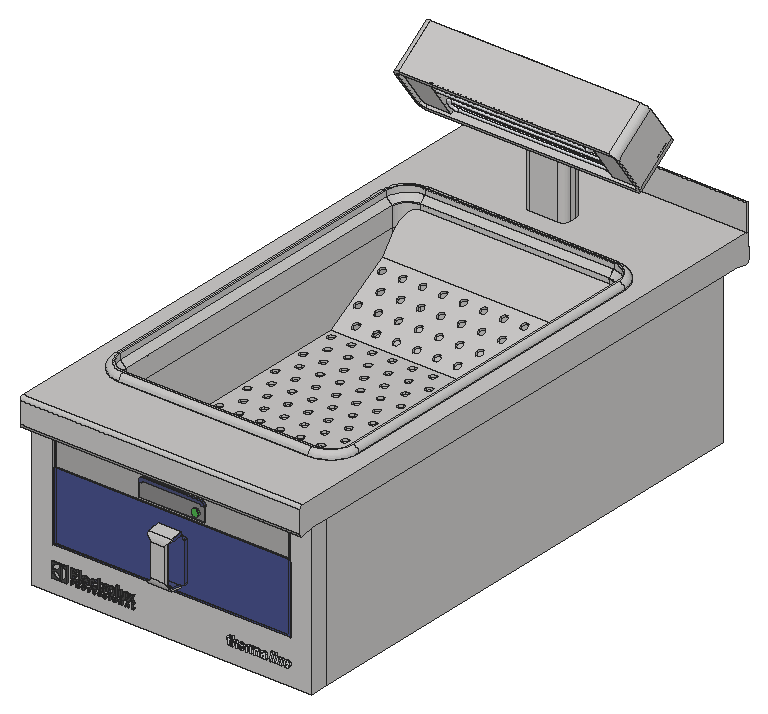
Revit family "QF_ELECTROLUXPROFESSIONAL_588095_MAYAABDOBO", category Attrezzature speciali, Revit 2020 (continued)
Lines and regions (mm)
  symbolic lines
    curve 151: spline (151.566, -242.726, 0) -> (151.734, -243.847, 0) -> (152.227, -244.891, 0) -> (153.011, -245.788, 0) -> (154.033, -246.476, 0) -> (155.223, -246.909, 0) -> (156.5, -247.057, 0) -> (157.777, -246.909, 0) -> (158.967, -246.476, 0) -> (159.989, -245.788, 0) -> (160.773, -244.891, 0) -> (161.266, -243.847, 0) -> (161.434, -242.726, 0)
    curve 152: spline (151.566, -242.726, 0) -> (151.944, -241.814, 0) -> (152.548, -240.998, 0) -> (153.35, -240.316, 0) -> (154.309, -239.803, 0) -> (155.376, -239.485, 0) -> (156.5, -239.377, 0) -> (157.624, -239.485, 0) -> (158.691, -239.803, 0) -> (159.65, -240.316, 0) -> (160.452, -240.998, 0) -> (161.056, -241.814, 0) -> (161.434, -242.726, 0)
    curve 153: spline (180.566, -242.726, 0) -> (180.734, -243.847, 0) -> (181.227, -244.891, 0) -> (182.011, -245.788, 0) -> (183.033, -246.476, 0) -> (184.223, -246.909, 0) -> (185.5, -247.057, 0) -> (186.777, -246.909, 0) -> (187.967, -246.476, 0) -> (188.989, -245.788, 0) -> (189.773, -244.891, 0) -> (190.266, -243.847, 0) -> (190.434, -242.726, 0)
    curve 154: spline (180.566, -242.726, 0) -> (180.944, -241.814, 0) -> (181.548, -240.998, 0) -> (182.35, -240.316, 0) -> (183.309, -239.803, 0) -> (184.376, -239.485, 0) -> (185.5, -239.377, 0) -> (186.624, -239.485, 0) -> (187.691, -239.803, 0) -> (188.65, -240.316, 0) -> (189.452, -240.998, 0) -> (190.056, -241.814, 0) -> (190.434, -242.726, 0)
    curve 155: spline (335.434, -242.726, 0) -> (335.266, -243.847, 0) -> (334.773, -244.891, 0) -> (333.989, -245.788, 0) -> (332.967, -246.476, 0) -> (331.777, -246.909, 0) -> (330.5, -247.057, 0) -> (329.223, -246.909, 0) -> (328.033, -246.476, 0) -> (327.011, -245.788, 0) -> (326.227, -244.891, 0) -> (325.734, -243.847, 0) -> (325.566, -242.726, 0)
    curve 156: spline (335.434, -242.726, 0) -> (335.056, -241.814, 0) -> (334.452, -240.998, 0) -> (333.65, -240.316, 0) -> (332.691, -239.803, 0) -> (331.624, -239.485, 0) -> (330.5, -239.377, 0) -> (329.376, -239.485, 0) -> (328.309, -239.803, 0) -> (327.35, -240.316, 0) -> (326.548, -240.998, 0) -> (325.944, -241.814, 0) -> (325.566, -242.726, 0)
    curve 157: spline (306.434, -242.726, 0) -> (306.266, -243.847, 0) -> (305.773, -244.891, 0) -> (304.989, -245.788, 0) -> (303.967, -246.476, 0) -> (302.777, -246.909, 0) -> (301.5, -247.057, 0) -> (300.223, -246.909, 0) -> (299.033, -246.476, 0) -> (298.011, -245.788, 0) -> (297.227, -244.891, 0) -> (296.734, -243.847, 0) -> (296.566, -242.726, 0)
    curve 158: spline (306.434, -242.726, 0) -> (306.056, -241.814, 0) -> (305.452, -240.998, 0) -> (304.65, -240.316, 0) -> (303.691, -239.803, 0) -> (302.624, -239.485, 0) -> (301.5, -239.377, 0) -> (300.376, -239.485, 0) -> (299.309, -239.803, 0) -> (298.35, -240.316, 0) -> (297.548, -240.998, 0) -> (296.944, -241.814, 0) -> (296.566, -242.726, 0)
    curve 159: spline (277.434, -242.726, 0) -> (277.266, -243.847, 0) -> (276.773, -244.891, 0) -> (275.989, -245.788, 0) -> (274.967, -246.476, 0) -> (273.777, -246.909, 0) -> (272.5, -247.057, 0) -> (271.223, -246.909, 0) -> (270.033, -246.476, 0) -> (269.011, -245.788, 0) -> (268.227, -244.891, 0) -> (267.734, -243.847, 0) -> (267.566, -242.726, 0)
    curve 160: spline (277.434, -242.726, 0) -> (277.056, -241.814, 0) -> (276.452, -240.998, 0) -> (275.65, -240.316, 0) -> (274.691, -239.803, 0) -> (273.624, -239.485, 0) -> (272.5, -239.377, 0) -> (271.376, -239.485, 0) -> (270.309, -239.803, 0) -> (269.35, -240.316, 0) -> (268.548, -240.998, 0) -> (267.944, -241.814, 0) -> (267.566, -242.726, 0)
    curve 161: spline (248.434, -242.726, 0) -> (248.266, -243.847, 0) -> (247.773, -244.891, 0) -> (246.989, -245.788, 0) -> (245.967, -246.476, 0) -> (244.777, -246.909, 0) -> (243.5, -247.057, 0) -> (242.223, -246.909, 0) -> (241.033, -246.476, 0) -> (240.011, -245.788, 0) -> (239.227, -244.891, 0) -> (238.734, -243.847, 0) -> (238.566, -242.726, 0)
    curve 162: spline (248.434, -242.726, 0) -> (248.056, -241.814, 0) -> (247.452, -240.998, 0) -> (246.65, -240.316, 0) -> (245.691, -239.803, 0) -> (244.624, -239.485, 0) -> (243.5, -239.377, 0) -> (242.376, -239.485, 0) -> (241.309, -239.803, 0) -> (240.35, -240.316, 0) -> (239.548, -240.998, 0) -> (238.944, -241.814, 0) -> (238.566, -242.726, 0)
    curve 163: spline (219.434, -242.726, 0) -> (219.266, -243.847, 0) -> (218.773, -244.891, 0) -> (217.989, -245.788, 0) -> (216.967, -246.476, 0) -> (215.777, -246.909, 0) -> (214.5, -247.057, 0) -> (213.223, -246.909, 0) -> (212.033, -246.476, 0) -> (211.011, -245.788, 0) -> (210.227, -244.891, 0) -> (209.734, -243.847, 0) -> (209.566, -242.726, 0)
    curve 164: spline (219.434, -242.726, 0) -> (219.056, -241.814, 0) -> (218.452, -240.998, 0) -> (217.65, -240.316, 0) -> (216.691, -239.803, 0) -> (215.624, -239.485, 0) -> (214.5, -239.377, 0) -> (213.376, -239.485, 0) -> (212.309, -239.803, 0) -> (211.35, -240.316, 0) -> (210.548, -240.998, 0) -> (209.944, -241.814, 0) -> (209.566, -242.726, 0)
    curve 165: spline (50.066, -264.375, 0) -> (50.234, -265.496, 0) -> (50.727, -266.54, 0) -> (51.511, -267.437, 0) -> (52.533, -268.126, 0) -> (53.723, -268.558, 0) -> (55, -268.706, 0) -> (56.277, -268.558, 0) -> (57.467, -268.126, 0) -> (58.489, -267.437, 0) -> (59.273, -266.54, 0) -> (59.766, -265.496, 0) -> (59.934, -264.375, 0)
    curve 166: spline (50.066, -264.375, 0) -> (50.444, -263.464, 0) -> (51.048, -262.647, 0) -> (51.85, -261.965, 0) -> (52.809, -261.452, 0) -> (53.876, -261.134, 0) -> (55, -261.026, 0) -> (56.124, -261.134, 0) -> (57.191, -261.452, 0) -> (58.15, -261.965, 0) -> (58.952, -262.647, 0) -> (59.556, -263.464, 0) -> (59.934, -264.375, 0)
    curve 167: spline (79.022, -264.375, 0) -> (79.19, -265.496, 0) -> (79.683, -266.54, 0) -> (80.467, -267.437, 0) -> (81.489, -268.126, 0) -> (82.679, -268.558, 0) -> (83.956, -268.706, 0) -> (85.233, -268.558, 0) -> (86.423, -268.126, 0) -> (87.445, -267.437, 0) -> (88.229, -266.54, 0) -> (88.722, -265.496, 0) -> (88.89, -264.375, 0)
    curve 168: spline (79.022, -264.375, 0) -> (79.4, -263.464, 0) -> (80.004, -262.647, 0) -> (80.806, -261.965, 0) -> (81.765, -261.452, 0) -> (82.832, -261.134, 0) -> (83.956, -261.026, 0) -> (85.08, -261.134, 0) -> (86.147, -261.452, 0) -> (87.106, -261.965, 0) -> (87.908, -262.647, 0) -> (88.512, -263.464, 0) -> (88.89, -264.375, 0)
    curve 169: spline (108.022, -264.375, 0) -> (108.19, -265.496, 0) -> (108.683, -266.54, 0) -> (109.467, -267.437, 0) -> (110.489, -268.126, 0) -> (111.679, -268.558, 0) -> (112.956, -268.706, 0) -> (114.233, -268.558, 0) -> (115.423, -268.126, 0) -> (116.445, -267.437, 0) -> (117.229, -266.54, 0) -> (117.722, -265.496, 0) -> (117.89, -264.375, 0)
    curve 170: spline (108.022, -264.375, 0) -> (108.4, -263.464, 0) -> (109.004, -262.647, 0) -> (109.806, -261.965, 0) -> (110.765, -261.452, 0) -> (111.832, -261.134, 0) -> (112.956, -261.026, 0) -> (114.08, -261.134, 0) -> (115.147, -261.452, 0) -> (116.106, -261.965, 0) -> (116.908, -262.647, 0) -> (117.512, -263.464, 0) -> (117.89, -264.375, 0)
    curve 171: spline (137.022, -264.375, 0) -> (137.19, -265.496, 0) -> (137.683, -266.54, 0) -> (138.467, -267.437, 0) -> (139.489, -268.126, 0) -> (140.679, -268.558, 0) -> (141.956, -268.706, 0) -> (143.233, -268.558, 0) -> (144.423, -268.126, 0) -> (145.445, -267.437, 0) -> (146.229, -266.54, 0) -> (146.722, -265.496, 0) -> (146.89, -264.375, 0)
    curve 172: spline (137.022, -264.375, 0) -> (137.4, -263.464, 0) -> (138.004, -262.647, 0) -> (138.806, -261.965, 0) -> (139.765, -261.452, 0) -> (140.832, -261.134, 0) -> (141.956, -261.026, 0) -> (143.08, -261.134, 0) -> (144.147, -261.452, 0) -> (145.106, -261.965, 0) -> (145.908, -262.647, 0) -> (146.512, -263.464, 0) -> (146.89, -264.375, 0)
    curve 173: spline (166.022, -264.375, 0) -> (166.19, -265.496, 0) -> (166.683, -266.54, 0) -> (167.467, -267.437, 0) -> (168.489, -268.126, 0) -> (169.679, -268.558, 0) -> (170.956, -268.706, 0) -> (172.233, -268.558, 0) -> (173.423, -268.126, 0) -> (174.445, -267.437, 0) -> (175.229, -266.54, 0) -> (175.722, -265.496, 0) -> (175.89, -264.375, 0)
    curve 174: spline (166.022, -264.375, 0) -> (166.4, -263.464, 0) -> (167.004, -262.647, 0) -> (167.806, -261.965, 0) -> (168.765, -261.452, 0) -> (169.832, -261.134, 0) -> (170.956, -261.026, 0) -> (172.08, -261.134, 0) -> (173.147, -261.452, 0) -> (174.106, -261.965, 0) -> (174.908, -262.647, 0) -> (175.512, -263.464, 0) -> (175.89, -264.375, 0)
    curve 175: spline (195.022, -264.375, 0) -> (195.19, -265.496, 0) -> (195.683, -266.54, 0) -> (196.467, -267.437, 0) -> (197.489, -268.126, 0) -> (198.679, -268.558, 0) -> (199.956, -268.706, 0) -> (201.233, -268.558, 0) -> (202.423, -268.126, 0) -> (203.445, -267.437, 0) -> (204.229, -266.54, 0) -> (204.722, -265.496, 0) -> (204.89, -264.375, 0)
    curve 176: spline (195.022, -264.375, 0) -> (195.4, -263.464, 0) -> (196.004, -262.647, 0) -> (196.806, -261.965, 0) -> (197.765, -261.452, 0) -> (198.832, -261.134, 0) -> (199.956, -261.026, 0) -> (201.08, -261.134, 0) -> (202.147, -261.452, 0) -> (203.106, -261.965, 0) -> (203.908, -262.647, 0) -> (204.512, -263.464, 0) -> (204.89, -264.375, 0)
    curve 177: spline (349.934, -264.375, 0) -> (349.766, -265.496, 0) -> (349.273, -266.54, 0) -> (348.489, -267.437, 0) -> (347.467, -268.126, 0) -> (346.277, -268.558, 0) -> (345, -268.706, 0) -> (343.723, -268.558, 0) -> (342.533, -268.126, 0) -> (341.511, -267.437, 0) -> (340.727, -266.54, 0) -> (340.234, -265.496, 0) -> (340.066, -264.375, 0)
    curve 178: spline (349.934, -264.375, 0) -> (349.556, -263.464, 0) -> (348.952, -262.647, 0) -> (348.15, -261.965, 0) -> (347.191, -261.452, 0) -> (346.124, -261.134, 0) -> (345, -261.026, 0) -> (343.876, -261.134, 0) -> (342.809, -261.452, 0) -> (341.85, -261.965, 0) -> (341.048, -262.647, 0) -> (340.444, -263.464, 0) -> (340.066, -264.375, 0)
    curve 179: spline (320.978, -264.375, 0) -> (320.81, -265.496, 0) -> (320.317, -266.54, 0) -> (319.533, -267.437, 0) -> (318.511, -268.126, 0) -> (317.321, -268.558, 0) -> (316.044, -268.706, 0) -> (314.767, -268.558, 0) -> (313.577, -268.126, 0) -> (312.555, -267.437, 0) -> (311.771, -266.54, 0) -> (311.278, -265.496, 0) -> (311.11, -264.375, 0)
    curve 180: spline (320.978, -264.375, 0) -> (320.6, -263.464, 0) -> (319.996, -262.647, 0) -> (319.194, -261.965, 0) -> (318.235, -261.452, 0) -> (317.168, -261.134, 0) -> (316.044, -261.026, 0) -> (314.92, -261.134, 0) -> (313.853, -261.452, 0) -> (312.894, -261.965, 0) -> (312.092, -262.647, 0) -> (311.488, -263.464, 0) -> (311.11, -264.375, 0)
    curve 181: spline (291.978, -264.375, 0) -> (291.81, -265.496, 0) -> (291.317, -266.54, 0) -> (290.533, -267.437, 0) -> (289.511, -268.126, 0) -> (288.321, -268.558, 0) -> (287.044, -268.706, 0) -> (285.767, -268.558, 0) -> (284.577, -268.126, 0) -> (283.555, -267.437, 0) -> (282.771, -266.54, 0) -> (282.278, -265.496, 0) -> (282.11, -264.375, 0)
    curve 182: spline (291.978, -264.375, 0) -> (291.6, -263.464, 0) -> (290.996, -262.647, 0) -> (290.194, -261.965, 0) -> (289.235, -261.452, 0) -> (288.168, -261.134, 0) -> (287.044, -261.026, 0) -> (285.92, -261.134, 0) -> (284.853, -261.452, 0) -> (283.894, -261.965, 0) -> (283.092, -262.647, 0) -> (282.488, -263.464, 0) -> (282.11, -264.375, 0)
    curve 183: spline (262.978, -264.375, 0) -> (262.81, -265.496, 0) -> (262.317, -266.54, 0) -> (261.533, -267.437, 0) -> (260.511, -268.126, 0) -> (259.321, -268.558, 0) -> (258.044, -268.706, 0) -> (256.767, -268.558, 0) -> (255.577, -268.126, 0) -> (254.555, -267.437, 0) -> (253.771, -266.54, 0) -> (253.278, -265.496, 0) -> (253.11, -264.375, 0)
    curve 184: spline (262.978, -264.375, 0) -> (262.6, -263.464, 0) -> (261.996, -262.647, 0) -> (261.194, -261.965, 0) -> (260.235, -261.452, 0) -> (259.168, -261.134, 0) -> (258.044, -261.026, 0) -> (256.92, -261.134, 0) -> (255.853, -261.452, 0) -> (254.894, -261.965, 0) -> (254.092, -262.647, 0) -> (253.488, -263.464, 0) -> (253.11, -264.375, 0)
    curve 185: spline (233.978, -264.375, 0) -> (233.81, -265.496, 0) -> (233.317, -266.54, 0) -> (232.533, -267.437, 0) -> (231.511, -268.126, 0) -> (230.321, -268.558, 0) -> (229.044, -268.706, 0) -> (227.767, -268.558, 0) -> (226.577, -268.126, 0) -> (225.555, -267.437, 0) -> (224.771, -266.54, 0) -> (224.278, -265.496, 0) -> (224.11, -264.375, 0)
    curve 186: spline (233.978, -264.375, 0) -> (233.6, -263.464, 0) -> (232.996, -262.647, 0) -> (232.194, -261.965, 0) -> (231.235, -261.452, 0) -> (230.168, -261.134, 0) -> (229.044, -261.026, 0) -> (227.92, -261.134, 0) -> (226.853, -261.452, 0) -> (225.894, -261.965, 0) -> (225.092, -262.647, 0) -> (224.488, -263.464, 0) -> (224.11, -264.375, 0)
    curve 187: spline (64.566, -286.026, 0) -> (64.734, -287.146, 0) -> (65.227, -288.191, 0) -> (66.011, -289.088, 0) -> (67.033, -289.776, 0) -> (68.223, -290.209, 0) -> (69.5, -290.357, 0) -> (70.777, -290.209, 0) -> (71.967, -289.776, 0) -> (72.989, -289.088, 0) -> (73.773, -288.191, 0) -> (74.266, -287.146, 0) -> (74.434, -286.026, 0)
    curve 188: spline (64.566, -286.026, 0) -> (64.944, -285.114, 0) -> (65.548, -284.297, 0) -> (66.35, -283.616, 0) -> (67.309, -283.103, 0) -> (68.376, -282.784, 0) -> (69.5, -282.677, 0) -> (70.624, -282.784, 0) -> (71.691, -283.103, 0) -> (72.65, -283.616, 0) -> (73.452, -284.297, 0) -> (74.056, -285.114, 0) -> (74.434, -286.026, 0)
    curve 189: spline (93.566, -286.026, 0) -> (93.734, -287.146, 0) -> (94.227, -288.191, 0) -> (95.011, -289.088, 0) -> (96.033, -289.776, 0) -> (97.223, -290.209, 0) -> (98.5, -290.357, 0) -> (99.777, -290.209, 0) -> (100.967, -289.776, 0) -> (101.989, -289.088, 0) -> (102.773, -288.191, 0) -> (103.266, -287.146, 0) -> (103.434, -286.026, 0)
    curve 190: spline (93.566, -286.026, 0) -> (93.944, -285.114, 0) -> (94.548, -284.297, 0) -> (95.35, -283.616, 0) -> (96.309, -283.103, 0) -> (97.376, -282.784, 0) -> (98.5, -282.677, 0) -> (99.624, -282.784, 0) -> (100.691, -283.103, 0) -> (101.65, -283.616, 0) -> (102.452, -284.297, 0) -> (103.056, -285.114, 0) -> (103.434, -286.026, 0)
    curve 191: spline (122.566, -286.026, 0) -> (122.734, -287.146, 0) -> (123.227, -288.191, 0) -> (124.011, -289.088, 0) -> (125.033, -289.776, 0) -> (126.223, -290.209, 0) -> (127.5, -290.357, 0) -> (128.777, -290.209, 0) -> (129.967, -289.776, 0) -> (130.989, -289.088, 0) -> (131.773, -288.191, 0) -> (132.266, -287.146, 0) -> (132.434, -286.026, 0)
    curve 192: spline (122.566, -286.026, 0) -> (122.944, -285.114, 0) -> (123.548, -284.297, 0) -> (124.35, -283.616, 0) -> (125.309, -283.103, 0) -> (126.376, -282.784, 0) -> (127.5, -282.677, 0) -> (128.624, -282.784, 0) -> (129.691, -283.103, 0) -> (130.65, -283.616, 0) -> (131.452, -284.297, 0) -> (132.056, -285.114, 0) -> (132.434, -286.026, 0)
    curve 193: spline (151.566, -286.026, 0) -> (151.734, -287.146, 0) -> (152.227, -288.191, 0) -> (153.011, -289.088, 0) -> (154.033, -289.776, 0) -> (155.223, -290.209, 0) -> (156.5, -290.357, 0) -> (157.777, -290.209, 0) -> (158.967, -289.776, 0) -> (159.989, -289.088, 0) -> (160.773, -288.191, 0) -> (161.266, -287.146, 0) -> (161.434, -286.026, 0)
    curve 194: spline (151.566, -286.026, 0) -> (151.944, -285.114, 0) -> (152.548, -284.297, 0) -> (153.35, -283.616, 0) -> (154.309, -283.103, 0) -> (155.376, -282.784, 0) -> (156.5, -282.677, 0) -> (157.624, -282.784, 0) -> (158.691, -283.103, 0) -> (159.65, -283.616, 0) -> (160.452, -284.297, 0) -> (161.056, -285.114, 0) -> (161.434, -286.026, 0)
    curve 195: spline (180.566, -286.026, 0) -> (180.734, -287.146, 0) -> (181.227, -288.191, 0) -> (182.011, -289.088, 0) -> (183.033, -289.776, 0) -> (184.223, -290.209, 0) -> (185.5, -290.357, 0) -> (186.777, -290.209, 0) -> (187.967, -289.776, 0) -> (188.989, -289.088, 0) -> (189.773, -288.191, 0) -> (190.266, -287.146, 0) -> (190.434, -286.026, 0)
    curve 196: spline (180.566, -286.026, 0) -> (180.944, -285.114, 0) -> (181.548, -284.297, 0) -> (182.35, -283.616, 0) -> (183.309, -283.103, 0) -> (184.376, -282.784, 0) -> (185.5, -282.677, 0) -> (186.624, -282.784, 0) -> (187.691, -283.103, 0) -> (188.65, -283.616, 0) -> (189.452, -284.297, 0) -> (190.056, -285.114, 0) -> (190.434, -286.026, 0)
    curve 197: spline (335.434, -286.026, 0) -> (335.266, -287.146, 0) -> (334.773, -288.191, 0) -> (333.989, -289.088, 0) -> (332.967, -289.776, 0) -> (331.777, -290.209, 0) -> (330.5, -290.357, 0) -> (329.223, -290.209, 0) -> (328.033, -289.776, 0) -> (327.011, -289.088, 0) -> (326.227, -288.191, 0) -> (325.734, -287.146, 0) -> (325.566, -286.026, 0)
    curve 198: spline (335.434, -286.026, 0) -> (335.056, -285.114, 0) -> (334.452, -284.297, 0) -> (333.65, -283.616, 0) -> (332.691, -283.103, 0) -> (331.624, -282.784, 0) -> (330.5, -282.677, 0) -> (329.376, -282.784, 0) -> (328.309, -283.103, 0) -> (327.35, -283.616, 0) -> (326.548, -284.297, 0) -> (325.944, -285.114, 0) -> (325.566, -286.026, 0)
    curve 199: spline (306.434, -286.026, 0) -> (306.266, -287.146, 0) -> (305.773, -288.191, 0) -> (304.989, -289.088, 0) -> (303.967, -289.776, 0) -> (302.777, -290.209, 0) -> (301.5, -290.357, 0) -> (300.223, -290.209, 0) -> (299.033, -289.776, 0) -> (298.011, -289.088, 0) -> (297.227, -288.191, 0) -> (296.734, -287.146, 0) -> (296.566, -286.026, 0)
    curve 200: spline (306.434, -286.026, 0) -> (306.056, -285.114, 0) -> (305.452, -284.297, 0) -> (304.65, -283.616, 0) -> (303.691, -283.103, 0) -> (302.624, -282.784, 0) -> (301.5, -282.677, 0) -> (300.376, -282.784, 0) -> (299.309, -283.103, 0) -> (298.35, -283.616, 0) -> (297.548, -284.297, 0) -> (296.944, -285.114, 0) -> (296.566, -286.026, 0)
    curve 201: spline (277.434, -286.026, 0) -> (277.266, -287.146, 0) -> (276.773, -288.191, 0) -> (275.989, -289.088, 0) -> (274.967, -289.776, 0) -> (273.777, -290.209, 0) -> (272.5, -290.357, 0) -> (271.223, -290.209, 0) -> (270.033, -289.776, 0) -> (269.011, -289.088, 0) -> (268.227, -288.191, 0) -> (267.734, -287.146, 0) -> (267.566, -286.026, 0)
    curve 202: spline (277.434, -286.026, 0) -> (277.056, -285.114, 0) -> (276.452, -284.297, 0) -> (275.65, -283.616, 0) -> (274.691, -283.103, 0) -> (273.624, -282.784, 0) -> (272.5, -282.677, 0) -> (271.376, -282.784, 0) -> (270.309, -283.103, 0) -> (269.35, -283.616, 0) -> (268.548, -284.297, 0) -> (267.944, -285.114, 0) -> (267.566, -286.026, 0)
    curve 203: spline (248.434, -286.026, 0) -> (248.266, -287.146, 0) -> (247.773, -288.191, 0) -> (246.989, -289.088, 0) -> (245.967, -289.776, 0) -> (244.777, -290.209, 0) -> (243.5, -290.357, 0) -> (242.223, -290.209, 0) -> (241.033, -289.776, 0) -> (240.011, -289.088, 0) -> (239.227, -288.191, 0) -> (238.734, -287.146, 0) -> (238.566, -286.026, 0)
    curve 204: spline (248.434, -286.026, 0) -> (248.056, -285.114, 0) -> (247.452, -284.297, 0) -> (246.65, -283.616, 0) -> (245.691, -283.103, 0) -> (244.624, -282.784, 0) -> (243.5, -282.677, 0) -> (242.376, -282.784, 0) -> (241.309, -283.103, 0) -> (240.35, -283.616, 0) -> (239.548, -284.297, 0) -> (238.944, -285.114, 0) -> (238.566, -286.026, 0)
    curve 205: spline (219.434, -286.026, 0) -> (219.266, -287.146, 0) -> (218.773, -288.191, 0) -> (217.989, -289.088, 0) -> (216.967, -289.776, 0) -> (215.777, -290.209, 0) -> (214.5, -290.357, 0) -> (213.223, -290.209, 0) -> (212.033, -289.776, 0) -> (211.011, -289.088, 0) -> (210.227, -288.191, 0) -> (209.734, -287.146, 0) -> (209.566, -286.026, 0)
    curve 206: spline (219.434, -286.026, 0) -> (219.056, -285.114, 0) -> (218.452, -284.297, 0) -> (217.65, -283.616, 0) -> (216.691, -283.103, 0) -> (215.624, -282.784, 0) -> (214.5, -282.677, 0) -> (213.376, -282.784, 0) -> (212.309, -283.103, 0) -> (211.35, -283.616, 0) -> (210.548, -284.297, 0) -> (209.944, -285.114, 0) -> (209.566, -286.026, 0)
    curve 207: spline (50.066, -628.925, 0) -> (50.234, -627.804, 0) -> (50.727, -626.759, 0) -> (51.511, -625.862, 0) -> (52.533, -625.174, 0) -> (53.723, -624.741, 0) -> (55, -624.594, 0) -> (56.277, -624.741, 0) -> (57.467, -625.174, 0) -> (58.489, -625.862, 0) -> (59.273, -626.759, 0) -> (59.766, -627.804, 0) -> (59.934, -628.925, 0)
    curve 208: spline (50.066, -628.925, 0) -> (50.444, -629.836, 0) -> (51.048, -630.653, 0) -> (51.85, -631.335, 0) -> (52.809, -631.848, 0) -> (53.876, -632.166, 0) -> (55, -632.274, 0) -> (56.124, -632.166, 0) -> (57.191, -631.848, 0) -> (58.15, -631.335, 0) -> (58.952, -630.653, 0) -> (59.556, -629.836, 0) -> (59.934, -628.925, 0)
    curve 209: spline (79.022, -628.925, 0) -> (79.19, -627.804, 0) -> (79.683, -626.759, 0) -> (80.467, -625.862, 0) -> (81.489, -625.174, 0) -> (82.679, -624.741, 0) -> (83.956, -624.594, 0) -> (85.233, -624.741, 0) -> (86.423, -625.174, 0) -> (87.445, -625.862, 0) -> (88.229, -626.759, 0) -> (88.722, -627.804, 0) -> (88.89, -628.925, 0)
    curve 210: spline (79.022, -628.925, 0) -> (79.4, -629.836, 0) -> (80.004, -630.653, 0) -> (80.806, -631.335, 0) -> (81.765, -631.848, 0) -> (82.832, -632.166, 0) -> (83.956, -632.274, 0) -> (85.08, -632.166, 0) -> (86.147, -631.848, 0) -> (87.106, -631.335, 0) -> (87.908, -630.653, 0) -> (88.512, -629.836, 0) -> (88.89, -628.925, 0)
    curve 211: spline (108.022, -628.925, 0) -> (108.19, -627.804, 0) -> (108.683, -626.759, 0) -> (109.467, -625.862, 0) -> (110.489, -625.174, 0) -> (111.679, -624.741, 0) -> (112.956, -624.594, 0) -> (114.233, -624.741, 0) -> (115.423, -625.174, 0) -> (116.445, -625.862, 0) -> (117.229, -626.759, 0) -> (117.722, -627.804, 0) -> (117.89, -628.925, 0)
    curve 212: spline (108.022, -628.925, 0) -> (108.4, -629.836, 0) -> (109.004, -630.653, 0) -> (109.806, -631.335, 0) -> (110.765, -631.848, 0) -> (111.832, -632.166, 0) -> (112.956, -632.274, 0) -> (114.08, -632.166, 0) -> (115.147, -631.848, 0) -> (116.106, -631.335, 0) -> (116.908, -630.653, 0) -> (117.512, -629.836, 0) -> (117.89, -628.925, 0)
    curve 213: spline (137.022, -628.925, 0) -> (137.19, -627.804, 0) -> (137.683, -626.759, 0) -> (138.467, -625.862, 0) -> (139.489, -625.174, 0) -> (140.679, -624.741, 0) -> (141.956, -624.594, 0) -> (143.233, -624.741, 0) -> (144.423, -625.174, 0) -> (145.445, -625.862, 0) -> (146.229, -626.759, 0) -> (146.722, -627.804, 0) -> (146.89, -628.925, 0)
    curve 214: spline (137.022, -628.925, 0) -> (137.4, -629.836, 0) -> (138.004, -630.653, 0) -> (138.806, -631.335, 0) -> (139.765, -631.848, 0) -> (140.832, -632.166, 0) -> (141.956, -632.274, 0) -> (143.08, -632.166, 0) -> (144.147, -631.848, 0) -> (145.106, -631.335, 0) -> (145.908, -630.653, 0) -> (146.512, -629.836, 0) -> (146.89, -628.925, 0)
    curve 215: spline (166.022, -628.925, 0) -> (166.19, -627.804, 0) -> (166.683, -626.759, 0) -> (167.467, -625.862, 0) -> (168.489, -625.174, 0) -> (169.679, -624.741, 0) -> (170.956, -624.594, 0) -> (172.233, -624.741, 0) -> (173.423, -625.174, 0) -> (174.445, -625.862, 0) -> (175.229, -626.759, 0) -> (175.722, -627.804, 0) -> (175.89, -628.925, 0)
    curve 216: spline (166.022, -628.925, 0) -> (166.4, -629.836, 0) -> (167.004, -630.653, 0) -> (167.806, -631.335, 0) -> (168.765, -631.848, 0) -> (169.832, -632.166, 0) -> (170.956, -632.274, 0) -> (172.08, -632.166, 0) -> (173.147, -631.848, 0) -> (174.106, -631.335, 0) -> (174.908, -630.653, 0) -> (175.512, -629.836, 0) -> (175.89, -628.925, 0)
    curve 217: spline (195.022, -628.925, 0) -> (195.19, -627.804, 0) -> (195.683, -626.759, 0) -> (196.467, -625.862, 0) -> (197.489, -625.174, 0) -> (198.679, -624.741, 0) -> (199.956, -624.594, 0) -> (201.233, -624.741, 0) -> (202.423, -625.174, 0) -> (203.445, -625.862, 0) -> (204.229, -626.759, 0) -> (204.722, -627.804, 0) -> (204.89, -628.925, 0)
    curve 218: spline (195.022, -628.925, 0) -> (195.4, -629.836, 0) -> (196.004, -630.653, 0) -> (196.806, -631.335, 0) -> (197.765, -631.848, 0) -> (198.832, -632.166, 0) -> (199.956, -632.274, 0) -> (201.08, -632.166, 0) -> (202.147, -631.848, 0) -> (203.106, -631.335, 0) -> (203.908, -630.653, 0) -> (204.512, -629.836, 0) -> (204.89, -628.925, 0)
    curve 219: spline (349.934, -628.925, 0) -> (349.766, -627.804, 0) -> (349.273, -626.759, 0) -> (348.489, -625.862, 0) -> (347.467, -625.174, 0) -> (346.277, -624.741, 0) -> (345, -624.594, 0) -> (343.723, -624.741, 0) -> (342.533, -625.174, 0) -> (341.511, -625.862, 0) -> (340.727, -626.759, 0) -> (340.234, -627.804, 0) -> (340.066, -628.925, 0)
    curve 220: spline (349.934, -628.925, 0) -> (349.556, -629.836, 0) -> (348.952, -630.653, 0) -> (348.15, -631.335, 0) -> (347.191, -631.848, 0) -> (346.124, -632.166, 0) -> (345, -632.274, 0) -> (343.876, -632.166, 0) -> (342.809, -631.848, 0) -> (341.85, -631.335, 0) -> (341.048, -630.653, 0) -> (340.444, -629.836, 0) -> (340.066, -628.925, 0)
    curve 221: spline (320.978, -628.925, 0) -> (320.81, -627.804, 0) -> (320.317, -626.759, 0) -> (319.533, -625.862, 0) -> (318.511, -625.174, 0) -> (317.321, -624.741, 0) -> (316.044, -624.594, 0) -> (314.767, -624.741, 0) -> (313.577, -625.174, 0) -> (312.555, -625.862, 0) -> (311.771, -626.759, 0) -> (311.278, -627.804, 0) -> (311.11, -628.925, 0)
    curve 222: spline (320.978, -628.925, 0) -> (320.6, -629.836, 0) -> (319.996, -630.653, 0) -> (319.194, -631.335, 0) -> (318.235, -631.848, 0) -> (317.168, -632.166, 0) -> (316.044, -632.274, 0) -> (314.92, -632.166, 0) -> (313.853, -631.848, 0) -> (312.894, -631.335, 0) -> (312.092, -630.653, 0) -> (311.488, -629.836, 0) -> (311.11, -628.925, 0)
    curve 223: spline (291.978, -628.925, 0) -> (291.81, -627.804, 0) -> (291.317, -626.759, 0) -> (290.533, -625.862, 0) -> (289.511, -625.174, 0) -> (288.321, -624.741, 0) -> (287.044, -624.594, 0) -> (285.767, -624.741, 0) -> (284.577, -625.174, 0) -> (283.555, -625.862, 0) -> (282.771, -626.759, 0) -> (282.278, -627.804, 0) -> (282.11, -628.925, 0)
    curve 224: spline (291.978, -628.925, 0) -> (291.6, -629.836, 0) -> (290.996, -630.653, 0) -> (290.194, -631.335, 0) -> (289.235, -631.848, 0) -> (288.168, -632.166, 0) -> (287.044, -632.274, 0) -> (285.92, -632.166, 0) -> (284.853, -631.848, 0) -> (283.894, -631.335, 0) -> (283.092, -630.653, 0) -> (282.488, -629.836, 0) -> (282.11, -628.925, 0)
    curve 225: spline (262.978, -628.925, 0) -> (262.81, -627.804, 0) -> (262.317, -626.759, 0) -> (261.533, -625.862, 0) -> (260.511, -625.174, 0) -> (259.321, -624.741, 0) -> (258.044, -624.594, 0) -> (256.767, -624.741, 0) -> (255.577, -625.174, 0) -> (254.555, -625.862, 0) -> (253.771, -626.759, 0) -> (253.278, -627.804, 0) -> (253.11, -628.925, 0)
    curve 226: spline (262.978, -628.925, 0) -> (262.6, -629.836, 0) -> (261.996, -630.653, 0) -> (261.194, -631.335, 0) -> (260.235, -631.848, 0) -> (259.168, -632.166, 0) -> (258.044, -632.274, 0) -> (256.92, -632.166, 0) -> (255.853, -631.848, 0) -> (254.894, -631.335, 0) -> (254.092, -630.653, 0) -> (253.488, -629.836, 0) -> (253.11, -628.925, 0)
    curve 227: spline (233.978, -628.925, 0) -> (233.81, -627.804, 0) -> (233.317, -626.759, 0) -> (232.533, -625.862, 0) -> (231.511, -625.174, 0) -> (230.321, -624.741, 0) -> (229.044, -624.594, 0) -> (227.767, -624.741, 0) -> (226.577, -625.174, 0) -> (225.555, -625.862, 0) -> (224.771, -626.759, 0) -> (224.278, -627.804, 0) -> (224.11, -628.925, 0)
    curve 228: spline (233.978, -628.925, 0) -> (233.6, -629.836, 0) -> (232.996, -630.653, 0) -> (232.194, -631.335, 0) -> (231.235, -631.848, 0) -> (230.168, -632.166, 0) -> (229.044, -632.274, 0) -> (227.92, -632.166, 0) -> (226.853, -631.848, 0) -> (225.894, -631.335, 0) -> (225.092, -630.653, 0) -> (224.488, -629.836, 0) -> (224.11, -628.925, 0)
    curve 229: spline (64.566, -607.274, 0) -> (64.734, -606.153, 0) -> (65.227, -605.109, 0) -> (66.011, -604.212, 0) -> (67.033, -603.524, 0) -> (68.223, -603.091, 0) -> (69.5, -602.943, 0) -> (70.777, -603.091, 0) -> (71.967, -603.524, 0) -> (72.989, -604.212, 0) -> (73.773, -605.109, 0) -> (74.266, -606.153, 0) -> (74.434, -607.274, 0)
    curve 230: spline (64.566, -607.274, 0) -> (64.944, -608.186, 0) -> (65.548, -609.002, 0) -> (66.35, -609.684, 0) -> (67.309, -610.197, 0) -> (68.376, -610.515, 0) -> (69.5, -610.623, 0) -> (70.624, -610.515, 0) -> (71.691, -610.197, 0) -> (72.65, -609.684, 0) -> (73.452, -609.002, 0) -> (74.056, -608.186, 0) -> (74.434, -607.274, 0)
    curve 231: spline (93.566, -607.274, 0) -> (93.734, -606.153, 0) -> (94.227, -605.109, 0) -> (95.011, -604.212, 0) -> (96.033, -603.524, 0) -> (97.223, -603.091, 0) -> (98.5, -602.943, 0) -> (99.777, -603.091, 0) -> (100.967, -603.524, 0) -> (101.989, -604.212, 0) -> (102.773, -605.109, 0) -> (103.266, -606.153, 0) -> (103.434, -607.274, 0)
    curve 232: spline (93.566, -607.274, 0) -> (93.944, -608.186, 0) -> (94.548, -609.002, 0) -> (95.35, -609.684, 0) -> (96.309, -610.197, 0) -> (97.376, -610.515, 0) -> (98.5, -610.623, 0) -> (99.624, -610.515, 0) -> (100.691, -610.197, 0) -> (101.65, -609.684, 0) -> (102.452, -609.002, 0) -> (103.056, -608.186, 0) -> (103.434, -607.274, 0)
    curve 233: spline (122.566, -607.274, 0) -> (122.734, -606.153, 0) -> (123.227, -605.109, 0) -> (124.011, -604.212, 0) -> (125.033, -603.524, 0) -> (126.223, -603.091, 0) -> (127.5, -602.943, 0) -> (128.777, -603.091, 0) -> (129.967, -603.524, 0) -> (130.989, -604.212, 0) -> (131.773, -605.109, 0) -> (132.266, -606.153, 0) -> (132.434, -607.274, 0)
    curve 234: spline (122.566, -607.274, 0) -> (122.944, -608.186, 0) -> (123.548, -609.002, 0) -> (124.35, -609.684, 0) -> (125.309, -610.197, 0) -> (126.376, -610.515, 0) -> (127.5, -610.623, 0) -> (128.624, -610.515, 0) -> (129.691, -610.197, 0) -> (130.65, -609.684, 0) -> (131.452, -609.002, 0) -> (132.056, -608.186, 0) -> (132.434, -607.274, 0)
    curve 235: spline (151.566, -607.274, 0) -> (151.734, -606.153, 0) -> (152.227, -605.109, 0) -> (153.011, -604.212, 0) -> (154.033, -603.524, 0) -> (155.223, -603.091, 0) -> (156.5, -602.943, 0) -> (157.777, -603.091, 0) -> (158.967, -603.524, 0) -> (159.989, -604.212, 0) -> (160.773, -605.109, 0) -> (161.266, -606.153, 0) -> (161.434, -607.274, 0)
    curve 236: spline (151.566, -607.274, 0) -> (151.944, -608.186, 0) -> (152.548, -609.002, 0) -> (153.35, -609.684, 0) -> (154.309, -610.197, 0) -> (155.376, -610.515, 0) -> (156.5, -610.623, 0) -> (157.624, -610.515, 0) -> (158.691, -610.197, 0) -> (159.65, -609.684, 0) -> (160.452, -609.002, 0) -> (161.056, -608.186, 0) -> (161.434, -607.274, 0)
    curve 237: spline (180.566, -607.274, 0) -> (180.734, -606.153, 0) -> (181.227, -605.109, 0) -> (182.011, -604.212, 0) -> (183.033, -603.524, 0) -> (184.223, -603.091, 0) -> (185.5, -602.943, 0) -> (186.777, -603.091, 0) -> (187.967, -603.524, 0) -> (188.989, -604.212, 0) -> (189.773, -605.109, 0) -> (190.266, -606.153, 0) -> (190.434, -607.274, 0)
    curve 238: spline (180.566, -607.274, 0) -> (180.944, -608.186, 0) -> (181.548, -609.002, 0) -> (182.35, -609.684, 0) -> (183.309, -610.197, 0) -> (184.376, -610.515, 0) -> (185.5, -610.623, 0) -> (186.624, -610.515, 0) -> (187.691, -610.197, 0) -> (188.65, -609.684, 0) -> (189.452, -609.002, 0) -> (190.056, -608.186, 0) -> (190.434, -607.274, 0)
    curve 239: spline (335.434, -607.274, 0) -> (335.266, -606.153, 0) -> (334.773, -605.109, 0) -> (333.989, -604.212, 0) -> (332.967, -603.524, 0) -> (331.777, -603.091, 0) -> (330.5, -602.943, 0) -> (329.223, -603.091, 0) -> (328.033, -603.524, 0) -> (327.011, -604.212, 0) -> (326.227, -605.109, 0) -> (325.734, -606.153, 0) -> (325.566, -607.274, 0)
    curve 240: spline (335.434, -607.274, 0) -> (335.056, -608.186, 0) -> (334.452, -609.002, 0) -> (333.65, -609.684, 0) -> (332.691, -610.197, 0) -> (331.624, -610.515, 0) -> (330.5, -610.623, 0) -> (329.376, -610.515, 0) -> (328.309, -610.197, 0) -> (327.35, -609.684, 0) -> (326.548, -609.002, 0) -> (325.944, -608.186, 0) -> (325.566, -607.274, 0)
    curve 241: spline (306.434, -607.274, 0) -> (306.266, -606.153, 0) -> (305.773, -605.109, 0) -> (304.989, -604.212, 0) -> (303.967, -603.524, 0) -> (302.777, -603.091, 0) -> (301.5, -602.943, 0) -> (300.223, -603.091, 0) -> (299.033, -603.524, 0) -> (298.011, -604.212, 0) -> (297.227, -605.109, 0) -> (296.734, -606.153, 0) -> (296.566, -607.274, 0)
    curve 242: spline (306.434, -607.274, 0) -> (306.056, -608.186, 0) -> (305.452, -609.002, 0) -> (304.65, -609.684, 0) -> (303.691, -610.197, 0) -> (302.624, -610.515, 0) -> (301.5, -610.623, 0) -> (300.376, -610.515, 0) -> (299.309, -610.197, 0) -> (298.35, -609.684, 0) -> (297.548, -609.002, 0) -> (296.944, -608.186, 0) -> (296.566, -607.274, 0)
    curve 243: spline (277.434, -607.274, 0) -> (277.266, -606.153, 0) -> (276.773, -605.109, 0) -> (275.989, -604.212, 0) -> (274.967, -603.524, 0) -> (273.777, -603.091, 0) -> (272.5, -602.943, 0) -> (271.223, -603.091, 0) -> (270.033, -603.524, 0) -> (269.011, -604.212, 0) -> (268.227, -605.109, 0) -> (267.734, -606.153, 0) -> (267.566, -607.274, 0)
    curve 244: spline (277.434, -607.274, 0) -> (277.056, -608.186, 0) -> (276.452, -609.002, 0) -> (275.65, -609.684, 0) -> (274.691, -610.197, 0) -> (273.624, -610.515, 0) -> (272.5, -610.623, 0) -> (271.376, -610.515, 0) -> (270.309, -610.197, 0) -> (269.35, -609.684, 0) -> (268.548, -609.002, 0) -> (267.944, -608.186, 0) -> (267.566, -607.274, 0)
    curve 245: spline (248.434, -607.274, 0) -> (248.266, -606.153, 0) -> (247.773, -605.109, 0) -> (246.989, -604.212, 0) -> (245.967, -603.524, 0) -> (244.777, -603.091, 0) -> (243.5, -602.943, 0) -> (242.223, -603.091, 0) -> (241.033, -603.524, 0) -> (240.011, -604.212, 0) -> (239.227, -605.109, 0) -> (238.734, -606.153, 0) -> (238.566, -607.274, 0)
    curve 246: spline (248.434, -607.274, 0) -> (248.056, -608.186, 0) -> (247.452, -609.002, 0) -> (246.65, -609.684, 0) -> (245.691, -610.197, 0) -> (244.624, -610.515, 0) -> (243.5, -610.623, 0) -> (242.376, -610.515, 0) -> (241.309, -610.197, 0) -> (240.35, -609.684, 0) -> (239.548, -609.002, 0) -> (238.944, -608.186, 0) -> (238.566, -607.274, 0)
    curve 247: spline (219.434, -607.274, 0) -> (219.266, -606.153, 0) -> (218.773, -605.109, 0) -> (217.989, -604.212, 0) -> (216.967, -603.524, 0) -> (215.777, -603.091, 0) -> (214.5, -602.943, 0) -> (213.223, -603.091, 0) -> (212.033, -603.524, 0) -> (211.011, -604.212, 0) -> (210.227, -605.109, 0) -> (209.734, -606.153, 0) -> (209.566, -607.274, 0)
    curve 248: spline (219.434, -607.274, 0) -> (219.056, -608.186, 0) -> (218.452, -609.002, 0) -> (217.65, -609.684, 0) -> (216.691, -610.197, 0) -> (215.624, -610.515, 0) -> (214.5, -610.623, 0) -> (213.376, -610.515, 0) -> (212.309, -610.197, 0) -> (211.35, -609.684, 0) -> (210.548, -609.002, 0) -> (209.944, -608.186, 0) -> (209.566, -607.274, 0)
    curve 249: spline (50.066, -585.625, 0) -> (50.234, -584.504, 0) -> (50.727, -583.46, 0) -> (51.511, -582.563, 0) -> (52.533, -581.874, 0) -> (53.723, -581.442, 0) -> (55, -581.294, 0) -> (56.277, -581.442, 0) -> (57.467, -581.874, 0) -> (58.489, -582.563, 0) -> (59.273, -583.46, 0) -> (59.766, -584.504, 0) -> (59.934, -585.625, 0)
    curve 250: spline (50.066, -585.625, 0) -> (50.444, -586.536, 0) -> (51.048, -587.353, 0) -> (51.85, -588.035, 0) -> (52.809, -588.548, 0) -> (53.876, -588.866, 0) -> (55, -588.974, 0) -> (56.124, -588.866, 0) -> (57.191, -588.548, 0) -> (58.15, -588.035, 0) -> (58.952, -587.353, 0) -> (59.556, -586.536, 0) -> (59.934, -585.625, 0)
    curve 251: spline (79.022, -585.625, 0) -> (79.19, -584.504, 0) -> (79.683, -583.46, 0) -> (80.467, -582.563, 0) -> (81.489, -581.874, 0) -> (82.679, -581.442, 0) -> (83.956, -581.294, 0) -> (85.233, -581.442, 0) -> (86.423, -581.874, 0) -> (87.445, -582.563, 0) -> (88.229, -583.46, 0) -> (88.722, -584.504, 0) -> (88.89, -585.625, 0)
    curve 252: spline (79.022, -585.625, 0) -> (79.4, -586.536, 0) -> (80.004, -587.353, 0) -> (80.806, -588.035, 0) -> (81.765, -588.548, 0) -> (82.832, -588.866, 0) -> (83.956, -588.974, 0) -> (85.08, -588.866, 0) -> (86.147, -588.548, 0) -> (87.106, -588.035, 0) -> (87.908, -587.353, 0) -> (88.512, -586.536, 0) -> (88.89, -585.625, 0)
    curve 253: spline (108.022, -585.625, 0) -> (108.19, -584.504, 0) -> (108.683, -583.46, 0) -> (109.467, -582.563, 0) -> (110.489, -581.874, 0) -> (111.679, -581.442, 0) -> (112.956, -581.294, 0) -> (114.233, -581.442, 0) -> (115.423, -581.874, 0) -> (116.445, -582.563, 0) -> (117.229, -583.46, 0) -> (117.722, -584.504, 0) -> (117.89, -585.625, 0)
    curve 254: spline (108.022, -585.625, 0) -> (108.4, -586.536, 0) -> (109.004, -587.353, 0) -> (109.806, -588.035, 0) -> (110.765, -588.548, 0) -> (111.832, -588.866, 0) -> (112.956, -588.974, 0) -> (114.08, -588.866, 0) -> (115.147, -588.548, 0) -> (116.106, -588.035, 0) -> (116.908, -587.353, 0) -> (117.512, -586.536, 0) -> (117.89, -585.625, 0)
    curve 255: spline (137.022, -585.625, 0) -> (137.19, -584.504, 0) -> (137.683, -583.46, 0) -> (138.467, -582.563, 0) -> (139.489, -581.874, 0) -> (140.679, -581.442, 0) -> (141.956, -581.294, 0) -> (143.233, -581.442, 0) -> (144.423, -581.874, 0) -> (145.445, -582.563, 0) -> (146.229, -583.46, 0) -> (146.722, -584.504, 0) -> (146.89, -585.625, 0)
    curve 256: spline (137.022, -585.625, 0) -> (137.4, -586.536, 0) -> (138.004, -587.353, 0) -> (138.806, -588.035, 0) -> (139.765, -588.548, 0) -> (140.832, -588.866, 0) -> (141.956, -588.974, 0) -> (143.08, -588.866, 0) -> (144.147, -588.548, 0) -> (145.106, -588.035, 0) -> (145.908, -587.353, 0) -> (146.512, -586.536, 0) -> (146.89, -585.625, 0)
    curve 257: spline (166.022, -585.625, 0) -> (166.19, -584.504, 0) -> (166.683, -583.46, 0) -> (167.467, -582.563, 0) -> (168.489, -581.874, 0) -> (169.679, -581.442, 0) -> (170.956, -581.294, 0) -> (172.233, -581.442, 0) -> (173.423, -581.874, 0) -> (174.445, -582.563, 0) -> (175.229, -583.46, 0) -> (175.722, -584.504, 0) -> (175.89, -585.625, 0)
    curve 258: spline (166.022, -585.625, 0) -> (166.4, -586.536, 0) -> (167.004, -587.353, 0) -> (167.806, -588.035, 0) -> (168.765, -588.548, 0) -> (169.832, -588.866, 0) -> (170.956, -588.974, 0) -> (172.08, -588.866, 0) -> (173.147, -588.548, 0) -> (174.106, -588.035, 0) -> (174.908, -587.353, 0) -> (175.512, -586.536, 0) -> (175.89, -585.625, 0)
    curve 259: spline (195.022, -585.625, 0) -> (195.19, -584.504, 0) -> (195.683, -583.46, 0) -> (196.467, -582.563, 0) -> (197.489, -581.874, 0) -> (198.679, -581.442, 0) -> (199.956, -581.294, 0) -> (201.233, -581.442, 0) -> (202.423, -581.874, 0) -> (203.445, -582.563, 0) -> (204.229, -583.46, 0) -> (204.722, -584.504, 0) -> (204.89, -585.625, 0)
    curve 260: spline (195.022, -585.625, 0) -> (195.4, -586.536, 0) -> (196.004, -587.353, 0) -> (196.806, -588.035, 0) -> (197.765, -588.548, 0) -> (198.832, -588.866, 0) -> (199.956, -588.974, 0) -> (201.08, -588.866, 0) -> (202.147, -588.548, 0) -> (203.106, -588.035, 0) -> (203.908, -587.353, 0) -> (204.512, -586.536, 0) -> (204.89, -585.625, 0)
    curve 261: spline (349.934, -585.625, 0) -> (349.766, -584.504, 0) -> (349.273, -583.46, 0) -> (348.489, -582.563, 0) -> (347.467, -581.874, 0) -> (346.277, -581.442, 0) -> (345, -581.294, 0) -> (343.723, -581.442, 0) -> (342.533, -581.874, 0) -> (341.511, -582.563, 0) -> (340.727, -583.46, 0) -> (340.234, -584.504, 0) -> (340.066, -585.625, 0)
    curve 262: spline (349.934, -585.625, 0) -> (349.556, -586.536, 0) -> (348.952, -587.353, 0) -> (348.15, -588.035, 0) -> (347.191, -588.548, 0) -> (346.124, -588.866, 0) -> (345, -588.974, 0) -> (343.876, -588.866, 0) -> (342.809, -588.548, 0) -> (341.85, -588.035, 0) -> (341.048, -587.353, 0) -> (340.444, -586.536, 0) -> (340.066, -585.625, 0)
    curve 263: spline (320.978, -585.625, 0) -> (320.81, -584.504, 0) -> (320.317, -583.46, 0) -> (319.533, -582.563, 0) -> (318.511, -581.874, 0) -> (317.321, -581.442, 0) -> (316.044, -581.294, 0) -> (314.767, -581.442, 0) -> (313.577, -581.874, 0) -> (312.555, -582.563, 0) -> (311.771, -583.46, 0) -> (311.278, -584.504, 0) -> (311.11, -585.625, 0)
    curve 264: spline (320.978, -585.625, 0) -> (320.6, -586.536, 0) -> (319.996, -587.353, 0) -> (319.194, -588.035, 0) -> (318.235, -588.548, 0) -> (317.168, -588.866, 0) -> (316.044, -588.974, 0) -> (314.92, -588.866, 0) -> (313.853, -588.548, 0) -> (312.894, -588.035, 0) -> (312.092, -587.353, 0) -> (311.488, -586.536, 0) -> (311.11, -585.625, 0)
    curve 265: spline (291.978, -585.625, 0) -> (291.81, -584.504, 0) -> (291.317, -583.46, 0) -> (290.533, -582.563, 0) -> (289.511, -581.874, 0) -> (288.321, -581.442, 0) -> (287.044, -581.294, 0) -> (285.767, -581.442, 0) -> (284.577, -581.874, 0) -> (283.555, -582.563, 0) -> (282.771, -583.46, 0) -> (282.278, -584.504, 0) -> (282.11, -585.625, 0)
    curve 266: spline (291.978, -585.625, 0) -> (291.6, -586.536, 0) -> (290.996, -587.353, 0) -> (290.194, -588.035, 0) -> (289.235, -588.548, 0) -> (288.168, -588.866, 0) -> (287.044, -588.974, 0) -> (285.92, -588.866, 0) -> (284.853, -588.548, 0) -> (283.894, -588.035, 0) -> (283.092, -587.353, 0) -> (282.488, -586.536, 0) -> (282.11, -585.625, 0)
    curve 267: spline (262.978, -585.625, 0) -> (262.81, -584.504, 0) -> (262.317, -583.46, 0) -> (261.533, -582.563, 0) -> (260.511, -581.874, 0) -> (259.321, -581.442, 0) -> (258.044, -581.294, 0) -> (256.767, -581.442, 0) -> (255.577, -581.874, 0) -> (254.555, -582.563, 0) -> (253.771, -583.46, 0) -> (253.278, -584.504, 0) -> (253.11, -585.625, 0)
    curve 268: spline (262.978, -585.625, 0) -> (262.6, -586.536, 0) -> (261.996, -587.353, 0) -> (261.194, -588.035, 0) -> (260.235, -588.548, 0) -> (259.168, -588.866, 0) -> (258.044, -588.974, 0) -> (256.92, -588.866, 0) -> (255.853, -588.548, 0) -> (254.894, -588.035, 0) -> (254.092, -587.353, 0) -> (253.488, -586.536, 0) -> (253.11, -585.625, 0)
    curve 269: spline (233.978, -585.625, 0) -> (233.81, -584.504, 0) -> (233.317, -583.46, 0) -> (232.533, -582.563, 0) -> (231.511, -581.874, 0) -> (230.321, -581.442, 0) -> (229.044, -581.294, 0) -> (227.767, -581.442, 0) -> (226.577, -581.874, 0) -> (225.555, -582.563, 0) -> (224.771, -583.46, 0) -> (224.278, -584.504, 0) -> (224.11, -585.625, 0)
    curve 270: spline (233.978, -585.625, 0) -> (233.6, -586.536, 0) -> (232.996, -587.353, 0) -> (232.194, -588.035, 0) -> (231.235, -588.548, 0) -> (230.168, -588.866, 0) -> (229.044, -588.974, 0) -> (227.92, -588.866, 0) -> (226.853, -588.548, 0) -> (225.894, -588.035, 0) -> (225.092, -587.353, 0) -> (224.488, -586.536, 0) -> (224.11, -585.625, 0)
    curve 271: spline (64.566, -563.974, 0) -> (64.734, -562.854, 0) -> (65.227, -561.809, 0) -> (66.011, -560.912, 0) -> (67.033, -560.224, 0) -> (68.223, -559.791, 0) -> (69.5, -559.643, 0) -> (70.777, -559.791, 0) -> (71.967, -560.224, 0) -> (72.989, -560.912, 0) -> (73.773, -561.809, 0) -> (74.266, -562.854, 0) -> (74.434, -563.974, 0)
    curve 272: spline (64.566, -563.974, 0) -> (64.944, -564.886, 0) -> (65.548, -565.703, 0) -> (66.35, -566.384, 0) -> (67.309, -566.897, 0) -> (68.376, -567.216, 0) -> (69.5, -567.323, 0) -> (70.624, -567.216, 0) -> (71.691, -566.897, 0) -> (72.65, -566.384, 0) -> (73.452, -565.703, 0) -> (74.056, -564.886, 0) -> (74.434, -563.974, 0)
    curve 273: spline (93.566, -563.974, 0) -> (93.734, -562.854, 0) -> (94.227, -561.809, 0) -> (95.011, -560.912, 0) -> (96.033, -560.224, 0) -> (97.223, -559.791, 0) -> (98.5, -559.643, 0) -> (99.777, -559.791, 0) -> (100.967, -560.224, 0) -> (101.989, -560.912, 0) -> (102.773, -561.809, 0) -> (103.266, -562.854, 0) -> (103.434, -563.974, 0)
    curve 274: spline (93.566, -563.974, 0) -> (93.944, -564.886, 0) -> (94.548, -565.703, 0) -> (95.35, -566.384, 0) -> (96.309, -566.897, 0) -> (97.376, -567.216, 0) -> (98.5, -567.323, 0) -> (99.624, -567.216, 0) -> (100.691, -566.897, 0) -> (101.65, -566.384, 0) -> (102.452, -565.703, 0) -> (103.056, -564.886, 0) -> (103.434, -563.974, 0)
    curve 275: spline (122.566, -563.974, 0) -> (122.734, -562.854, 0) -> (123.227, -561.809, 0) -> (124.011, -560.912, 0) -> (125.033, -560.224, 0) -> (126.223, -559.791, 0) -> (127.5, -559.643, 0) -> (128.777, -559.791, 0) -> (129.967, -560.224, 0) -> (130.989, -560.912, 0) -> (131.773, -561.809, 0) -> (132.266, -562.854, 0) -> (132.434, -563.974, 0)
    curve 276: spline (122.566, -563.974, 0) -> (122.944, -564.886, 0) -> (123.548, -565.703, 0) -> (124.35, -566.384, 0) -> (125.309, -566.897, 0) -> (126.376, -567.216, 0) -> (127.5, -567.323, 0) -> (128.624, -567.216, 0) -> (129.691, -566.897, 0) -> (130.65, -566.384, 0) -> (131.452, -565.703, 0) -> (132.056, -564.886, 0) -> (132.434, -563.974, 0)
    curve 277: spline (151.566, -563.974, 0) -> (151.734, -562.854, 0) -> (152.227, -561.809, 0) -> (153.011, -560.912, 0) -> (154.033, -560.224, 0) -> (155.223, -559.791, 0) -> (156.5, -559.643, 0) -> (157.777, -559.791, 0) -> (158.967, -560.224, 0) -> (159.989, -560.912, 0) -> (160.773, -561.809, 0) -> (161.266, -562.854, 0) -> (161.434, -563.974, 0)
    curve 278: spline (151.566, -563.974, 0) -> (151.944, -564.886, 0) -> (152.548, -565.703, 0) -> (153.35, -566.384, 0) -> (154.309, -566.897, 0) -> (155.376, -567.216, 0) -> (156.5, -567.323, 0) -> (157.624, -567.216, 0) -> (158.691, -566.897, 0) -> (159.65, -566.384, 0) -> (160.452, -565.703, 0) -> (161.056, -564.886, 0) -> (161.434, -563.974, 0)
    curve 279: spline (180.566, -563.974, 0) -> (180.734, -562.854, 0) -> (181.227, -561.809, 0) -> (182.011, -560.912, 0) -> (183.033, -560.224, 0) -> (184.223, -559.791, 0) -> (185.5, -559.643, 0) -> (186.777, -559.791, 0) -> (187.967, -560.224, 0) -> (188.989, -560.912, 0) -> (189.773, -561.809, 0) -> (190.266, -562.854, 0) -> (190.434, -563.974, 0)
    curve 280: spline (180.566, -563.974, 0) -> (180.944, -564.886, 0) -> (181.548, -565.703, 0) -> (182.35, -566.384, 0) -> (183.309, -566.897, 0) -> (184.376, -567.216, 0) -> (185.5, -567.323, 0) -> (186.624, -567.216, 0) -> (187.691, -566.897, 0) -> (188.65, -566.384, 0) -> (189.452, -565.703, 0) -> (190.056, -564.886, 0) -> (190.434, -563.974, 0)
    curve 281: spline (335.434, -563.974, 0) -> (335.266, -562.854, 0) -> (334.773, -561.809, 0) -> (333.989, -560.912, 0) -> (332.967, -560.224, 0) -> (331.777, -559.791, 0) -> (330.5, -559.643, 0) -> (329.223, -559.791, 0) -> (328.033, -560.224, 0) -> (327.011, -560.912, 0) -> (326.227, -561.809, 0) -> (325.734, -562.854, 0) -> (325.566, -563.974, 0)
    curve 282: spline (335.434, -563.974, 0) -> (335.056, -564.886, 0) -> (334.452, -565.703, 0) -> (333.65, -566.384, 0) -> (332.691, -566.897, 0) -> (331.624, -567.216, 0) -> (330.5, -567.323, 0) -> (329.376, -567.216, 0) -> (328.309, -566.897, 0) -> (327.35, -566.384, 0) -> (326.548, -565.703, 0) -> (325.944, -564.886, 0) -> (325.566, -563.974, 0)
    curve 283: spline (306.434, -563.974, 0) -> (306.266, -562.854, 0) -> (305.773, -561.809, 0) -> (304.989, -560.912, 0) -> (303.967, -560.224, 0) -> (302.777, -559.791, 0) -> (301.5, -559.643, 0) -> (300.223, -559.791, 0) -> (299.033, -560.224, 0) -> (298.011, -560.912, 0) -> (297.227, -561.809, 0) -> (296.734, -562.854, 0) -> (296.566, -563.974, 0)
    curve 284: spline (306.434, -563.974, 0) -> (306.056, -564.886, 0) -> (305.452, -565.703, 0) -> (304.65, -566.384, 0) -> (303.691, -566.897, 0) -> (302.624, -567.216, 0) -> (301.5, -567.323, 0) -> (300.376, -567.216, 0) -> (299.309, -566.897, 0) -> (298.35, -566.384, 0) -> (297.548, -565.703, 0) -> (296.944, -564.886, 0) -> (296.566, -563.974, 0)
    curve 285: spline (277.434, -563.974, 0) -> (277.266, -562.854, 0) -> (276.773, -561.809, 0) -> (275.989, -560.912, 0) -> (274.967, -560.224, 0) -> (273.777, -559.791, 0) -> (272.5, -559.643, 0) -> (271.223, -559.791, 0) -> (270.033, -560.224, 0) -> (269.011, -560.912, 0) -> (268.227, -561.809, 0) -> (267.734, -562.854, 0) -> (267.566, -563.974, 0)
    curve 286: spline (277.434, -563.974, 0) -> (277.056, -564.886, 0) -> (276.452, -565.703, 0) -> (275.65, -566.384, 0) -> (274.691, -566.897, 0) -> (273.624, -567.216, 0) -> (272.5, -567.323, 0) -> (271.376, -567.216, 0) -> (270.309, -566.897, 0) -> (269.35, -566.384, 0) -> (268.548, -565.703, 0) -> (267.944, -564.886, 0) -> (267.566, -563.974, 0)
    curve 287: spline (248.434, -563.974, 0) -> (248.266, -562.854, 0) -> (247.773, -561.809, 0) -> (246.989, -560.912, 0) -> (245.967, -560.224, 0) -> (244.777, -559.791, 0) -> (243.5, -559.643, 0) -> (242.223, -559.791, 0) -> (241.033, -560.224, 0) -> (240.011, -560.912, 0) -> (239.227, -561.809, 0) -> (238.734, -562.854, 0) -> (238.566, -563.974, 0)
    curve 288: spline (248.434, -563.974, 0) -> (248.056, -564.886, 0) -> (247.452, -565.703, 0) -> (246.65, -566.384, 0) -> (245.691, -566.897, 0) -> (244.624, -567.216, 0) -> (243.5, -567.323, 0) -> (242.376, -567.216, 0) -> (241.309, -566.897, 0) -> (240.35, -566.384, 0) -> (239.548, -565.703, 0) -> (238.944, -564.886, 0) -> (238.566, -563.974, 0)
    curve 289: spline (219.434, -563.974, 0) -> (219.266, -562.854, 0) -> (218.773, -561.809, 0) -> (217.989, -560.912, 0) -> (216.967, -560.224, 0) -> (215.777, -559.791, 0) -> (214.5, -559.643, 0) -> (213.223, -559.791, 0) -> (212.033, -560.224, 0) -> (211.011, -560.912, 0) -> (210.227, -561.809, 0) -> (209.734, -562.854, 0) -> (209.566, -563.974, 0)
    curve 290: spline (219.434, -563.974, 0) -> (219.056, -564.886, 0) -> (218.452, -565.703, 0) -> (217.65, -566.384, 0) -> (216.691, -566.897, 0) -> (215.624, -567.216, 0) -> (214.5, -567.323, 0) -> (213.376, -567.216, 0) -> (212.309, -566.897, 0) -> (211.35, -566.384, 0) -> (210.548, -565.703, 0) -> (209.944, -564.886, 0) -> (209.566, -563.974, 0)
    curve 291: circle (55, -313.15, 0) r 5 normal (0, 0, 1)
    curve 292: circle (84, -313.15, 0) r 5 normal (0, 0, 1)
    curve 293: circle (113, -313.15, 0) r 5 normal (0, 0, 1)
    curve 294: circle (142, -313.15, 0) r 5 normal (0, 0, 1)
    curve 295: circle (171, -313.15, 0) r 5 normal (0, 0, 1)
    curve 296: circle (200, -313.15, 0) r 5 normal (0, 0, 1)
    curve 297: circle (345, -313.15, 0) r 5 normal (0, 0, -1)
    curve 298: circle (316, -313.15, 0) r 5 normal (0, 0, -1)
    curve 299: circle (287, -313.15, 0) r 5 normal (0, 0, -1)
    curve 300: circle (258, -313.15, 0) r 5 normal (0, 0, -1)
    curve 301: circle (229, -313.15, 0) r 5 normal (0, 0, -1)
    curve 302: circle (69.5, -338.15, 0) r 5 normal (0, 0, 1)
    curve 303: circle (98.5, -338.15, 0) r 5 normal (0, 0, 1)
    curve 304: circle (127.5, -338.15, 0) r 5 normal (0, 0, 1)
    curve 305: circle (156.5, -338.15, 0) r 5 normal (0, 0, 1)
    curve 306: circle (185.5, -338.15, 0) r 5 normal (0, 0, 1)
    curve 307: circle (330.5, -338.15, 0) r 5 normal (0, 0, -1)
    curve 308: circle (301.5, -338.15, 0) r 5 normal (0, 0, -1)
    curve 309: circle (272.5, -338.15, 0) r 5 normal (0, 0, -1)
    curve 310: circle (243.5, -338.15, 0) r 5 normal (0, 0, -1)
    curve 311: circle (214.5, -338.15, 0) r 5 normal (0, 0, -1)
    curve 312: circle (55, -363.15, 0) r 5 normal (0, 0, 1)
    curve 313: circle (84, -363.15, 0) r 5 normal (0, 0, 1)
    curve 314: circle (113, -363.15, 0) r 5 normal (0, 0, 1)
    curve 315: circle (142, -363.15, 0) r 5 normal (0, 0, 1)
    curve 316: circle (171, -363.15, 0) r 5 normal (0, 0, 1)
    curve 317: circle (200, -363.15, 0) r 5 normal (0, 0, 1)
    curve 318: circle (345, -363.15, 0) r 5 normal (0, 0, -1)
    curve 319: circle (316, -363.15, 0) r 5 normal (0, 0, -1)
    curve 320: circle (287, -363.15, 0) r 5 normal (0, 0, -1)
    curve 321: circle (258, -363.15, 0) r 5 normal (0, 0, -1)
    curve 322: circle (229, -363.15, 0) r 5 normal (0, 0, -1)
    curve 323: circle (69.5, -388.15, 0) r 5 normal (0, 0, 1)
    curve 324: circle (98.5, -388.15, 0) r 5 normal (0, 0, 1)
    curve 325: circle (127.5, -388.15, 0) r 5 normal (0, 0, 1)
    curve 326: circle (156.5, -388.15, 0) r 5 normal (0, 0, 1)
    curve 327: circle (185.5, -388.15, 0) r 5 normal (0, 0, 1)
    curve 328: circle (330.5, -388.15, 0) r 5 normal (0, 0, -1)
    curve 329: circle (301.5, -388.15, 0) r 5 normal (0, 0, -1)
    curve 330: circle (272.5, -388.15, 0) r 5 normal (0, 0, -1)
    curve 331: circle (243.5, -388.15, 0) r 5 normal (0, 0, -1)
    curve 332: circle (214.5, -388.15, 0) r 5 normal (0, 0, -1)
    curve 333: circle (55, -413.15, 0) r 5 normal (0, 0, 1)
    curve 334: circle (84, -413.15, 0) r 5 normal (0, 0, 1)
    curve 335: circle (113, -413.15, 0) r 5 normal (0, 0, 1)
    curve 336: circle (142, -413.15, 0) r 5 normal (0, 0, 1)
    curve 337: circle (171, -413.15, 0) r 5 normal (0, 0, 1)
    curve 338: circle (200, -413.15, 0) r 5 normal (0, 0, 1)
    curve 339: circle (345, -413.15, 0) r 5 normal (0, 0, -1)
    curve 340: circle (316, -413.15, 0) r 5 normal (0, 0, -1)
    curve 341: circle (287, -413.15, 0) r 5 normal (0, 0, -1)
    curve 342: circle (258, -413.15, 0) r 5 normal (0, 0, -1)
    curve 343: circle (229, -413.15, 0) r 5 normal (0, 0, -1)
    curve 344: circle (69.5, -438.15, 0) r 5 normal (0, 0, 1)
    curve 345: circle (98.5, -438.15, 0) r 5 normal (0, 0, 1)
    curve 346: circle (127.5, -438.15, 0) r 5 normal (0, 0, 1)
    curve 347: circle (156.5, -438.15, 0) r 5 normal (0, 0, 1)
    curve 348: circle (185.5, -438.15, 0) r 5 normal (0, 0, 1)
    curve 349: circle (330.5, -438.15, 0) r 5 normal (0, 0, -1)
    curve 350: circle (301.5, -438.15, 0) r 5 normal (0, 0, -1)
    curve 351: circle (272.5, -438.15, 0) r 5 normal (0, 0, -1)
    curve 352: circle (243.5, -438.15, 0) r 5 normal (0, 0, -1)
    curve 353: circle (214.5, -438.15, 0) r 5 normal (0, 0, -1)
    curve 354: circle (55, -463.15, 0) r 5 normal (0, 0, 1)
    curve 355: circle (84, -463.15, 0) r 5 normal (0, 0, 1)
    curve 356: circle (113, -463.15, 0) r 5 normal (0, 0, 1)
    curve 357: circle (142, -463.15, 0) r 5 normal (0, 0, 1)
    curve 358: circle (171, -463.15, 0) r 5 normal (0, 0, 1)
    curve 359: circle (200, -463.15, 0) r 5 normal (0, 0, 1)
    curve 360: circle (345, -463.15, 0) r 5 normal (0, 0, -1)
    curve 361: circle (316, -463.15, 0) r 5 normal (0, 0, -1)
    curve 362: circle (287, -463.15, 0) r 5 normal (0, 0, -1)
    curve 363: circle (258, -463.15, 0) r 5 normal (0, 0, -1)
    curve 364: circle (229, -463.15, 0) r 5 normal (0, 0, -1)
    curve 365: circle (69.5, -488.15, 0) r 5 normal (0, 0, 1)
